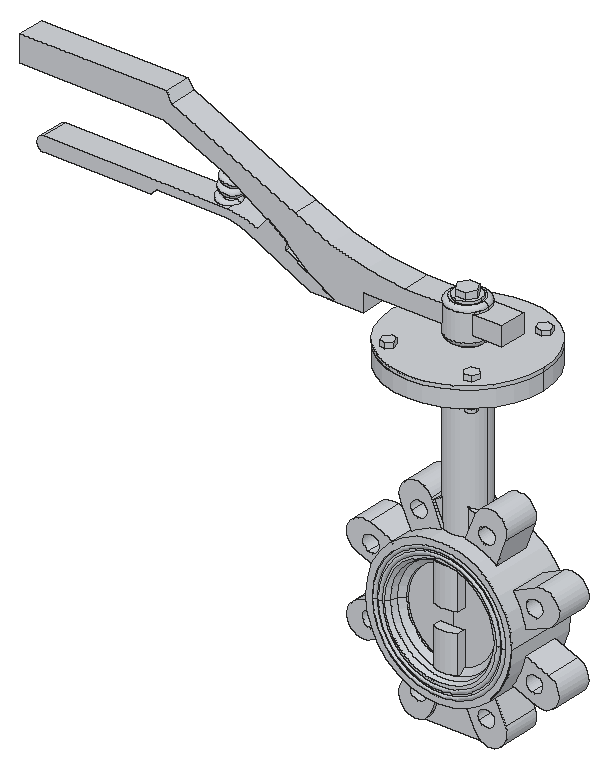
Revit family "R59FLY005", category Plumbing Fixtures, Revit 2015
Reference planes
  plane 1 "Center (Front/Back)": y = 0
  plane 2: z = 0
  plane 3 "Center (Left/Right)": x = 0
  plane 4: z = 140
  plane 5: x = -260
  plane 6: z = 217
  plane 7: z = 187
  plane 8: z = -63.5
  plane 9: z = -30
  plane 10: z = 170
  plane 11: z = -30
  plane 12: y = -21.488
  plane 13: y = 21.512
Forms (mm)
  Extrusion 1, solid
    sketch origin (0, 0, 130) x (1, 0, 0) y (0, 1, 0)
      loop
        circle (0, 0) r 45
    from 0 to 10
  Extrusion 2, solid
    sketch origin (0, 45.948, -140.573) x (1, 0, 0) y (0, 0, 1)
      loop
        arc (-96.679, 319.319) -> (-132.67, 336.792) -> (-169.654, 352.049) r 659.286
        line (-169.654, 352.049) -> (-172.843, 357.573) -> (-260, 357.573) -> (-260, 341.853) -> (-174.471, 341.853)
        arc (-174.471, 341.853) -> (-122.152, 316.93) -> (-77.024, 280.573) r 248.649
        line (-77.024, 280.573) -> (-55.568, 280.573) -> (-55.568, 291.199) -> (26.878, 291.199) -> (26.878, 302.179) -> (-30.767, 302.179)
        arc (-30.767, 302.179) -> (-64.704, 306.978) -> (-96.679, 319.319) r 150.722
    from 37.966 to 54.11
  Extrusion 3, solid
    sketch origin (-37.783, 45.948, -210.087) x (1, 0, 0) y (0, 0, 1)
      loop
        line (-98.516, 377.301) -> (-208.006, 377.301)
        arc (-208.006, 377.301) -> (-212.274, 373.033) -> (-208.006, 368.766) r 4.268
        line (-208.006, 368.766) -> (-144.475, 368.766) -> (-140.939, 372.301) -> (-103.305, 372.301)
        arc (-103.305, 372.301) -> (-95.507, 371.471) -> (-88.058, 369.019) r 37.057
        arc (-88.058, 369.019) -> (-68.407, 360.05) -> (-49.241, 350.087) r 421.945
        line (-49.241, 350.087) -> (-34.866, 350.087)
        arc (-34.866, 350.087) -> (-48.985, 359.43) -> (-64, 367.252) r 162.429
        line (-64, 367.252) -> (-63.437, 371.843) -> (-74.98, 380.231) -> (-80.609, 372.485)
        arc (-80.609, 372.485) -> (-89.36, 375.646) -> (-98.516, 377.301) r 55.494
    from 37.966 to 54.11
  Extrusion 4, solid
    sketch origin (0, 0, -76.95) x (1, 0, 0) y (0, 1, 0)
      loop
        circle (0, 0) r 12
    from 118.947 to 206.95
  Revolve 5, solid
    sketch origin (0, 0, 0) x (0, 1, 0) y (0, 0, 1)
      loop
        line (-1.078, -33.5) -> (1.078, -33.5) -> (1.078, -32.566)
        arc (1.078, -32.566) -> (1.953, -31.132) -> (3.478, -30.429) r 2.888
        line (3.478, -30.429) -> (6.599, -30.429)
        arc (6.599, -30.429) -> (9.772, -28.687) -> (11.11, -25.324) r 5.351
        line (11.11, -25.324) -> (11.11, 0) -> (-11.11, 0) -> (-11.11, -27.759)
        arc (-11.11, -27.759) -> (-10.328, -29.647) -> (-8.44, -30.429) r 2.67
        line (-8.44, -30.429) -> (-3.478, -30.429)
        arc (-3.478, -30.429) -> (-1.953, -31.132) -> (-1.078, -32.566) r 2.888
        line (-1.078, -32.566) -> (-1.078, -33.5)
      axis (11.11, 0) -> (-11.11, 0)
    angle from 0 to 360
  Blend 6, solid
    base sketch origin (0, 0, -4.163) x (1, 0, 0) y (0, 1, 0)
      loop
        line (-6.883, 16.4) -> (-6.883, -16.4)
        arc (-6.883, -16.4) -> (0, -18.078) -> (6.883, -16.4) r 14.953
        line (6.883, -16.4) -> (6.883, 16.4)
        arc (6.883, 16.4) -> (0, 18.078) -> (-6.883, 16.4) r 14.953
    top sketch origin (0, 0, 0) x (1, 0, 0) y (0, 1, 0)
      loop
        line (-6.883, 16.4) -> (-6.883, -16.4)
        arc (-6.883, -16.4) -> (0, -18.078) -> (6.883, -16.4) r 14.953
        line (6.883, -16.4) -> (6.883, 16.4)
        arc (6.883, 16.4) -> (0, 18.078) -> (-6.883, 16.4) r 14.953
    from 10.163 to 29.117
  Blend 7, solid
    base sketch origin (0, 0, -38.601) x (0, -1, 0) y (1, 0, 0)
      loop
        line (-16.4, -6.883) -> (16.4, -6.883)
        arc (16.4, -6.883) -> (18.078, 0) -> (16.4, 6.883) r 14.953
        line (16.4, 6.883) -> (-16.4, 6.883)
        arc (-16.4, 6.883) -> (-18.078, 0) -> (-16.4, -6.883) r 14.953
    top sketch origin (0, 0, -35.117) x (0, -1, 0) y (1, 0, 0)
      loop
        line (-16.4, -6.883) -> (16.4, -6.883)
        arc (16.4, -6.883) -> (18.078, 0) -> (16.4, 6.883) r 14.953
        line (16.4, 6.883) -> (-16.4, 6.883)
        arc (-16.4, 6.883) -> (-18.078, 0) -> (-16.4, -6.883) r 14.953
    from 10.163 to 29.117
  Extrusion 8, solid
    sketch origin (8.63, 0, -18.022) x (0.99863, 0, -0.052336) y (0.052336, 0, 0.99863)
      loop
        line (-18.251, 60.114) -> (-25.459, 74.264)
        arc (-25.459, 74.264) -> (-38.908, 78.635) -> (-43.28, 65.186) r 10
        line (-43.28, 65.186) -> (-36.072, 51.036) -> (-18.251, 60.114)
      loop
        circle (-32.1, 65.269) r 5
    from -10.546 to 10.991
  Extrusion 9, solid
    sketch origin (-6.641, 0, -18.846) x (0.669131, 0, -0.743145) y (0.743145, 0, 0.669131)
      loop
        line (-18.251, 60.114) -> (-25.459, 74.264)
        arc (-25.459, 74.264) -> (-38.908, 78.635) -> (-43.28, 65.186) r 10
        line (-43.28, 65.186) -> (-36.072, 51.036) -> (-18.251, 60.114)
      loop
        circle (-32.1, 65.269) r 5
    from -10.546 to 10.991
  Extrusion 10, solid
    sketch origin (-18.022, 0, -8.63) x (-0.052336, 0, -0.99863) y (0.99863, 0, -0.052336)
      loop
        line (-18.251, 60.114) -> (-25.459, 74.264)
        arc (-25.459, 74.264) -> (-38.908, 78.635) -> (-43.28, 65.186) r 10
        line (-43.28, 65.186) -> (-36.072, 51.036) -> (-18.251, 60.114)
      loop
        circle (-32.1, 65.269) r 5
    from -10.546 to 10.991
  Extrusion 11, solid
    sketch origin (-18.846, 0, 6.641) x (-0.743145, 0, -0.669131) y (0.669131, 0, -0.743145)
      loop
        line (-18.251, 60.114) -> (-25.459, 74.264)
        arc (-25.459, 74.264) -> (-38.908, 78.635) -> (-43.28, 65.186) r 10
        line (-43.28, 65.186) -> (-36.072, 51.036) -> (-18.251, 60.114)
      loop
        circle (-32.1, 65.269) r 5
    from -10.546 to 10.991
  Extrusion 12, solid
    sketch origin (-8.63, 0, 18.022) x (-0.99863, 0, 0.052336) y (-0.052336, 0, -0.99863)
      loop
        line (-18.251, 60.114) -> (-25.459, 74.264)
        arc (-25.459, 74.264) -> (-38.908, 78.635) -> (-43.28, 65.186) r 10
        line (-43.28, 65.186) -> (-36.072, 51.036) -> (-18.251, 60.114)
      loop
        circle (-32.1, 65.269) r 5
    from -10.546 to 10.991
  Extrusion 13, solid
    sketch origin (6.641, 0, 18.846) x (-0.669131, 0, 0.743145) y (-0.743145, 0, -0.669131)
      loop
        line (-18.251, 60.114) -> (-25.459, 74.264)
        arc (-25.459, 74.264) -> (-38.908, 78.635) -> (-43.28, 65.186) r 10
        line (-43.28, 65.186) -> (-36.072, 51.036) -> (-18.251, 60.114)
      loop
        circle (-32.1, 65.269) r 5
    from -10.546 to 10.991
  Extrusion 14, solid
    sketch origin (18.022, 0, 8.63) x (0.052336, 0, 0.99863) y (-0.99863, 0, 0.052336)
      loop
        line (-18.251, 60.114) -> (-25.459, 74.264)
        arc (-25.459, 74.264) -> (-38.908, 78.635) -> (-43.28, 65.186) r 10
        line (-43.28, 65.186) -> (-36.072, 51.036) -> (-18.251, 60.114)
      loop
        circle (-32.1, 65.269) r 5
    from -10.546 to 10.991
  Extrusion 15, solid
    sketch origin (18.846, 0, -6.641) x (0.743145, 0, 0.669131) y (-0.669131, 0, 0.743145)
      loop
        line (-18.251, 60.114) -> (-25.459, 74.264)
        arc (-25.459, 74.264) -> (-38.908, 78.635) -> (-43.28, 65.186) r 10
        line (-43.28, 65.186) -> (-36.072, 51.036) -> (-18.251, 60.114)
      loop
        circle (-32.1, 65.269) r 5
    from -10.546 to 10.991
  Extrusion 16, solid
    sketch origin (99.126, -27.447, 142) x (0, -1, 0) y (1, 0, 0)
      loop
        line (3.99, -123.113) -> (0.805, -120.344) -> (-3.184, -121.718) -> (-3.99, -125.86) -> (-0.805, -128.628) -> (3.184, -127.254) -> (3.99, -123.113)
    from 0 to 3
  Extrusion 17, solid
    sketch origin (99.126, -27.447, 122) x (0, -1, 0) y (1, 0, 0)
      loop
        circle (0, -124.486) r 3
    from 2.505 to 20
  Extrusion 18, solid
    sketch origin (99.126, -27.447, 129) x (0, -1, 0) y (1, 0, 0)
      loop
        line (3.99, -123.113) -> (0.805, -120.344) -> (-3.184, -121.718) -> (-3.99, -125.86) -> (-0.805, -128.628) -> (3.184, -127.254) -> (3.99, -123.113)
      loop
        line (-3.444, -125.672) -> (-0.695, -128.061) -> (2.749, -126.876) -> (3.444, -123.301) -> (0.695, -120.911) -> (-2.749, -122.097) -> (-3.444, -125.672)
    from -1.968 to 1
  Extrusion 19, solid, not visible
    sketch origin (26.117, -96.518, 104.233) x (0, -1, 0) y (1, 0, 0)
      loop
        line (3.99, -123.113) -> (0.805, -120.344) -> (-3.184, -121.718) -> (-3.99, -125.86) -> (-0.805, -128.628) -> (3.184, -127.254) -> (3.99, -123.113)
    from 0 to 3
  Extrusion 20, solid, not visible
    sketch origin (26.117, -96.518, 84.233) x (0, -1, 0) y (1, 0, 0)
      loop
        circle (0, -124.486) r 3
    from 2.505 to 20
  Extrusion 21, solid, not visible
    sketch origin (26.117, -96.518, 91.233) x (0, -1, 0) y (1, 0, 0)
      loop
        line (3.99, -123.113) -> (0.805, -120.344) -> (-3.184, -121.718) -> (-3.99, -125.86) -> (-0.805, -128.628) -> (3.184, -127.254) -> (3.99, -123.113)
      loop
        line (-3.444, -125.672) -> (-0.695, -128.061) -> (2.749, -126.876) -> (3.444, -123.301) -> (0.695, -120.911) -> (-2.749, -122.097) -> (-3.444, -125.672)
    from -1.968 to 1
  Extrusion 22, solid
    sketch origin (0, 0, 140) x (1, 0, 0) y (0, 1, 0)
      loop
        circle (0, 0) r 45
    from 0 to 2
  Extrusion 23, solid
    sketch origin (99.126, -27.447, 142) x (0, -1, 0) y (1, 0, 0)
      loop
        line (-58.884, -123.113) -> (-58.079, -127.254) -> (-54.09, -128.628) -> (-50.905, -125.86) -> (-51.71, -121.718) -> (-55.7, -120.344) -> (-58.884, -123.113)
    from 0 to 3
  Extrusion 24, solid
    sketch origin (99.126, -27.447, 122) x (0, -1, 0) y (1, 0, 0)
      loop
        circle (-54.895, -124.486) r 3
    from 2.505 to 20
  Extrusion 25, solid
    sketch origin (99.126, -27.447, 129) x (0, -1, 0) y (1, 0, 0)
      loop
        line (-58.884, -123.113) -> (-58.079, -127.254) -> (-54.09, -128.628) -> (-50.905, -125.86) -> (-51.71, -121.718) -> (-55.7, -120.344) -> (-58.884, -123.113)
      loop
        line (-51.451, -125.672) -> (-52.146, -122.097) -> (-55.59, -120.911) -> (-58.339, -123.301) -> (-57.644, -126.876) -> (-54.2, -128.061) -> (-51.451, -125.672)
    from -1.968 to 1
  Extrusion 26, solid
    sketch origin (-100.376, 27.447, 142) x (0, 1, 0) y (-1, 0, 0)
      loop
        line (-58.884, -123.113) -> (-58.079, -127.254) -> (-54.09, -128.628) -> (-50.905, -125.86) -> (-51.71, -121.718) -> (-55.7, -120.344) -> (-58.884, -123.113)
    from 0 to 3
  Extrusion 27, solid
    sketch origin (-100.376, 27.447, 122) x (0, 1, 0) y (-1, 0, 0)
      loop
        circle (-54.895, -124.486) r 3
    from 2.505 to 20
  Extrusion 28, solid
    sketch origin (-100.376, 27.447, 129) x (0, 1, 0) y (-1, 0, 0)
      loop
        line (-58.884, -123.113) -> (-58.079, -127.254) -> (-54.09, -128.628) -> (-50.905, -125.86) -> (-51.71, -121.718) -> (-55.7, -120.344) -> (-58.884, -123.113)
      loop
        line (-51.451, -125.672) -> (-52.146, -122.097) -> (-55.59, -120.911) -> (-58.339, -123.301) -> (-57.644, -126.876) -> (-54.2, -128.061) -> (-51.451, -125.672)
    from -1.968 to 1
  Extrusion 29, solid
    sketch origin (-100.376, 27.447, 142) x (0, 1, 0) y (-1, 0, 0)
      loop
        line (3.99, -123.113) -> (0.805, -120.344) -> (-3.184, -121.718) -> (-3.99, -125.86) -> (-0.805, -128.628) -> (3.184, -127.254) -> (3.99, -123.113)
    from 0 to 3
  Extrusion 30, solid
    sketch origin (-100.376, 27.447, 122) x (0, 1, 0) y (-1, 0, 0)
      loop
        circle (0, -124.486) r 3
    from 2.505 to 20
  Extrusion 31, solid
    sketch origin (-100.376, 27.447, 129) x (0, 1, 0) y (-1, 0, 0)
      loop
        line (3.99, -123.113) -> (0.805, -120.344) -> (-3.184, -121.718) -> (-3.99, -125.86) -> (-0.805, -128.628) -> (3.184, -127.254) -> (3.99, -123.113)
      loop
        line (-3.444, -125.672) -> (-0.695, -128.061) -> (2.749, -126.876) -> (3.444, -123.301) -> (0.695, -120.911) -> (-2.749, -122.097) -> (-3.444, -125.672)
    from -1.968 to 1
  Extrusion 32, solid
    sketch origin (125.063, -27.447, 167.144) x (0, -1, 0) y (1, 0, 0)
      loop
        line (-32.638, -122.069) -> (-32.638, -128.062) -> (-27.447, -131.059) -> (-22.257, -128.062) -> (-22.257, -122.069) -> (-27.447, -119.072) -> (-32.638, -122.069)
    from -1.014 to 2.856
  Extrusion 33, solid
    sketch origin (124.477, -54.895, 162.2) x (0, -1, 0) y (1, 0, 0)
      loop
        circle (-54.895, -124.486) r 8
    from -22.2 to 3.931
  Sweep 34, solid
    path origin (0, 0, 0) x (1, 0, 0) y (0, 0, 1)
      loop
        circle (0, 0) r 43.5
    profile origin (0, 0, -43.5) x (0, 0, 1) y (0, -1, 0)
      loop
        line (16.683, -11.945) -> (16.683, 11.945) -> (13.454, 15.174) -> (12.517, 18.672) -> (10.888, 21.014) -> (9.28, 21.014)
        arc (9.28, 21.014) -> (8.267, 22.027) -> (7.253, 21.014) r 1.014
        line (7.253, 21.014) -> (5.98, 21.014)
        arc (5.98, 21.014) -> (4.966, 22.027) -> (3.952, 21.014) r 1.014
        line (3.952, 21.014) -> (0.625, 21.014) -> (0.625, -21.014) -> (3.952, -21.014)
        arc (3.952, -21.014) -> (4.966, -22.027) -> (5.98, -21.014) r 1.014
        line (5.98, -21.014) -> (7.253, -21.014)
        arc (7.253, -21.014) -> (8.267, -22.027) -> (9.28, -21.014) r 1.014
        line (9.28, -21.014) -> (10.888, -21.014) -> (12.517, -18.672) -> (13.454, -15.174) -> (16.683, -11.945)
  Extrusion 35, solid
    sketch origin (0, 0, -20.66) x (1, 0, 0) y (0, 0, 1)
      loop
        line (-16.47, 75.846) -> (-9.856, 60.987) -> (9.323, 60.987) -> (15.146, 76.152)
        arc (15.146, 76.152) -> (6.998, 80.48) -> (1.583, 87.951) r 20.435
        line (1.583, 87.951) -> (1.583, 61.435) -> (-1.691, 61.435) -> (-1.691, 87.701)
        arc (-1.691, 87.701) -> (-7.623, 79.957) -> (-16.47, 75.846) r 20.435
    from -7.881 to 9.454
  Extrusion 36, solid
    sketch origin (-2.813, 0.293, 18.193) x (1, 0, 0) y (0, 0, 1)
      loop
        line (18.113, -76.16) -> (11.358, -60.987) -> (-7.552, -60.987) -> (-13.233, -75.781)
        arc (-13.233, -75.781) -> (-15.163, -78.916) -> (-18.097, -81.141) r 10
        line (-18.097, -81.141) -> (24.641, -81.141)
        arc (24.641, -81.141) -> (20.741, -79.484) -> (18.113, -76.16) r 8.561
    from -9.388 to 9.974
  Revolve 37, solid
    sketch origin (0, 0, 0) x (1, 0, 0) y (0, 0, 1)
      loop
        line (-9.486, 143.746) -> (0, 143.746) -> (0, 165) -> (-9.486, 165)
        arc (-9.486, 165) -> (-11.259, 164.265) -> (-11.994, 162.492) r 2.508
        line (-11.994, 162.492) -> (-11.994, 146.254)
        arc (-11.994, 146.254) -> (-11.259, 144.481) -> (-9.486, 143.746) r 2.508
      axis (0, 143.746) -> (0, 165)
    angle from 0 to 360
  Sweep 38, solid
    path origin (-48.156, 0, 166.496) x (0.978732, 0, -0.205142) y (0, 1, 0)
      loop
        circle (-92.344, 0) r 5
    profile origin (-138.536, 5, 185.439) x (0, -1, 0) y (0.205142, 0, 0.978732)
      loop
        circle (0, 0) r 2
  Sweep 39, solid
    path origin (-49.24, 0, 160.236) x (0.978732, 0, -0.205142) y (0, 1, 0)
      loop
        circle (-92.344, 0) r 5
    profile origin (-139.62, 5, 179.18) x (0, -1, 0) y (0.205142, 0, 0.978732)
      loop
        circle (0, 0) r 2
  Sweep 40, solid
    path origin (-50.258, 0, 154.62) x (0.978732, 0, -0.205142) y (0, 1, 0)
      loop
        circle (-92.344, 0) r 5
    profile origin (-140.638, 5, 173.564) x (0, -1, 0) y (0.205142, 0, 0.978732)
      loop
        circle (0, 0) r 2
  Sweep 41, solid
    path origin (-51.686, 0, 147.994) x (0.978732, 0, -0.205142) y (0, 1, 0)
      loop
        circle (-92.344, 0) r 5
    profile origin (-142.066, 5, 166.938) x (0, -1, 0) y (0.205142, 0, 0.978732)
      loop
        circle (0, 0) r 2
  Sweep 42, solid
    path origin (-0.002, 0, 0) x (1, 0, 0) y (0, 0, 1)
      loop
        circle (0, 0) r 43.5
    profile origin (-0.002, 0, -43.5) x (0, 0, 1) y (0, -1, 0)
      loop
        line (0, 21.488) -> (0, -21.512) -> (3.948, -21.512) -> (3.948, 21.488) -> (0, 21.488)
Dimensions and locks
  locked: plane 2 to plane 4 at 140
  plane 3 "Center (Left/Right)" to plane 5 = 260 mm
  level to plane 6 = 217 mm
  plane 8 to level = 63.5 mm
  locked: plane 4 to plane 10 at 30
  plane 13 to plane 12 = 43 mm
  aligned and locked: level to plane 2
